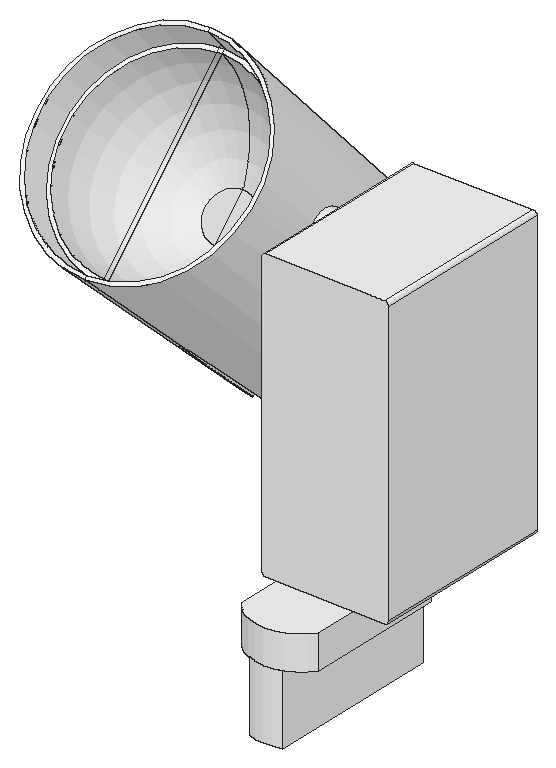
Revit family "0004876 Feilo Sylvania Lighting Fixture START TRACK SPOT S 24W 4K RA90 WB WHITE", category Lighting Fixtures, host Face, Revit 2017 (continued)
Definition of nested family "Start Track Spot Head"
  Types (96, lengths in mm): name | Wattage | built-in parameter 1150134 | Photometric Web File | Model | built-in parameter 1150105 | Lumens | built-in parameter 1150107 | built-in parameter 1150106 | HeadThickness_FEILO | HeadRibOffset_FEILO | HeadRibDepth_FEILO | HeadRibCutWidth_FEILO | HeadRibCutOffset_FEILO | HeadReflectorRadius_FEILO | HeadReflectorOffset_FEILO | HeadLEDRadius_FEILO | HeadHeight_FEILO | HeadDiffusorOffset_FEILO | HeadDiaOut_FEILO | HeadDiaIn_FEILO | HeadAxisFromTop_FEILO | Emit from Circle Diameter | built-in parameter 1150104 | Description | Apparent Load
    0004864 START TRACK SPOT S 24W 3K RA90 WB WHITE | 24 W | (empty or 0) | "0004864.ies" | "START TRACK SPOT S 24W 3K RA90 WB WHITE" | 152.79 (stored number, unit not read) | 1920 lm | 3000 (stored number, unit not read) | 1.5279 (stored number, unit not read) | 1.5 | 4.179 | 55.714 | 7.167 | 50.87 | 50.588 | 55.714 | 9.556 | 117 | 9.435 | 86 | 77.477 | 69.354 | 77.477 | 7.4322 (stored number, unit not read) | "Integrated LED spotlight, Textured White - RAL9016, compact and minimalist design, ideal for retail applications, die-cast aluminium body, passive cooling heatsink. Beam angle: 64°, color temperature: 3000K , total system power: 24W, total fixture output: 1928 lm, LOR: 100%, colour rendering: Ra: 90 typical, LED Chromaticity: 3 step MacAdam ellipse, lifetime: >50000 hours at L70B50, energy class: A++, A+, A, IR/UV free light source without heat radiation, operating voltage: 220-240V / 50-60Hz, drive current: 600mA, electronic driver, non-dimmable, power factor: 0.95, electrical protection: Class II, Global Track 3 Phase adapter suitable for Global trac 3-circuit tracks, ingress protection rating: IP20, suitable for internal environment only, horizontal rotation: 355°, vertical tilt: 90°, dimensions: Ø86x140x200, weight: 0.966kg." | 24 VA
    0004863 START TRACK SPOT S 24W 3K RA90 MB WHITE | 24 W | (empty or 0) | "0004863.ies" | "START TRACK SPOT S 24W 3K RA90 MB WHITE" | 154.7 (stored number, unit not read) | 1944 lm | 3000 (stored number, unit not read) | 1.547 (stored number, unit not read) | 1.5 | 4.179 | 55.714 | 7.167 | 50.87 | 50.588 | 55.714 | 9.556 | 117 | 9.435 | 86 | 77.477 | 69.354 | 77.477 | 7.5251 (stored number, unit not read) | "Integrated LED spotlight, Textured White - RAL9016, compact and minimalist design, ideal for retail applications, die-cast aluminium body, passive cooling heatsink. Beam angle: 36°, color temperature: 3000K , total system power: 24W, total fixture output: 1944 lm, LOR: 100%, colour rendering: Ra: 90 typical, LED Chromaticity: 3 step MacAdam ellipse, lifetime: >50000 hours at L70B50, energy class: A++, A+, A, IR/UV free light source without heat radiation, operating voltage: 220-240V / 50-60Hz, drive current: 600mA, electronic driver, non-dimmable, power factor: 0.95, electrical protection: Class II, Global Track 3 Phase adapter suitable for Global trac 3-circuit tracks, ingress protection rating: IP20, suitable for internal environment only, horizontal rotation: 355°, vertical tilt: 90°, dimensions: Ø86x140x200, weight: 0.966kg." | 24 VA
    0004862 START TRACK SPOT S 24W 3K RA90 NB WHITE | 24 W | (empty or 0) | "0004862.ies" | "START TRACK SPOT S 24W 3K RA90 NB WHITE" | 158.52 (stored number, unit not read) | 1992 lm | 3000 (stored number, unit not read) | 1.5852 (stored number, unit not read) | 1.5 | 4.179 | 55.714 | 7.167 | 50.87 | 50.588 | 55.714 | 9.556 | 117 | 9.435 | 86 | 77.477 | 69.354 | 77.477 | 7.711 (stored number, unit not read) | "Integrated LED spotlight, Textured White - RAL9016, compact and minimalist design, ideal for retail applications, die-cast aluminium body, passive cooling heatsink. Beam angle: 12°, color temperature: 3000K , total system power: 24W, total fixture output: 1987 lm, LOR: 100%, colour rendering: Ra: 90 typical, LED Chromaticity: 3 step MacAdam ellipse, lifetime: >50000 hours at L70B50, energy class: A++, A+, A, IR/UV free light source without heat radiation, operating voltage: 220-240V / 50-60Hz, drive current: 600mA, electronic driver, non-dimmable, power factor: 0.95, electrical protection: Class II, Global Track 3 Phase adapter suitable for Global trac 3-circuit tracks, ingress protection rating: IP20, suitable for internal environment only, horizontal rotation: 355°, vertical tilt: 90°, dimensions: Ø86x140x200, weight: 0.966kg." | 24 VA
    0004861 START TRACK SPOT S 14W 3K RA90 WB WHITE | 14 W | (empty or 0) | "0004861.ies" | "START TRACK SPOT S 14W 3K RA90 WB WHITE" | 100.27 (stored number, unit not read) | 1260 lm | 3000 (stored number, unit not read) | 1.0027 (stored number, unit not read) | 1.5 | 4.179 | 55.714 | 7.167 | 50.87 | 50.588 | 55.714 | 9.556 | 117 | 9.435 | 86 | 77.477 | 69.354 | 77.477 | 8.3613 (stored number, unit not read) | "Integrated LED spotlight, Textured White - RAL9016, compact and minimalist design, ideal for retail applications, die-cast aluminium body, passive cooling heatsink. Beam angle: 64°, color temperature: 3000K , total system power: 14W, total fixture output: 1262 lm, LOR: 100%, colour rendering: Ra: 90 typical, LED Chromaticity: 3 step MacAdam ellipse, lifetime: >50000 hours at L70B50, energy class: A++, A+, A, IR/UV free light source without heat radiation, operating voltage: 220-240V / 50-60Hz, drive current: 350mA, electronic driver, non-dimmable, power factor: 0.92, electrical protection: Class II, Global Track 3 Phase adapter suitable for Global trac 3-circuit tracks, ingress protection rating: IP20, suitable for internal environment only, horizontal rotation: 355°, vertical tilt: 90°, dimensions: Ø86x140x200, weight: 0.940kg." | 14 VA
    0004860 START TRACK SPOT S 14W 3K RA90 MB WHITE | 14 W | (empty or 0) | "0004860.ies" | "START TRACK SPOT S 14W 3K RA90 MB WHITE" | 100.27 (stored number, unit not read) | 1260 lm | 3000 (stored number, unit not read) | 1.0027 (stored number, unit not read) | 1.5 | 4.179 | 55.714 | 7.167 | 50.87 | 50.588 | 55.714 | 9.556 | 117 | 9.435 | 86 | 77.477 | 69.354 | 77.477 | 8.3613 (stored number, unit not read) | "Integrated LED spotlight, Textured White - RAL9016, compact and minimalist design, ideal for retail applications, die-cast aluminium body, passive cooling heatsink. Beam angle: 36°, color temperature: 3000K , total system power: 14W, total fixture output: 1262 lm, LOR: 100%, colour rendering: Ra: 90 typical, LED Chromaticity: 3 step MacAdam ellipse, lifetime: >50000 hours at L70B50, energy class: A++, A+, A, IR/UV free light source without heat radiation, operating voltage: 220-240V / 50-60Hz, drive current: 350mA, electronic driver, non-dimmable, power factor: 0.92, electrical protection: Class II, Global Track 3 Phase adapter suitable for Global trac 3-circuit tracks, ingress protection rating: IP20, suitable for internal environment only, horizontal rotation: 355°, vertical tilt: 90°, dimensions: Ø86x140x200, weight: 0.940kg." | 14 VA
    0004859 START TRACK SPOT S 14W 3K RA90 NB WHITE | 14 W | (empty or 0) | "0004859.ies" | "START TRACK SPOT S 14W 3K RA90 NB WHITE" | 102.5 (stored number, unit not read) | 1288 lm | 3000 (stored number, unit not read) | 1.025 (stored number, unit not read) | 1.5 | 4.179 | 55.714 | 7.167 | 50.87 | 50.588 | 55.714 | 9.556 | 117 | 9.435 | 86 | 77.477 | 69.354 | 77.477 | 8.5471 (stored number, unit not read) | "Integrated LED spotlight, Textured White - RAL9016, compact and minimalist design, ideal for retail applications, die-cast aluminium body, passive cooling heatsink. Beam angle: 12°, color temperature: 3000K , total system power: 14W, total fixture output: 1284 lm, LOR: 100%, colour rendering: Ra: 90 typical, LED Chromaticity: 3 step MacAdam ellipse, lifetime: >50000 hours at L70B50, energy class: A++, A+, A, IR/UV free light source without heat radiation, operating voltage: 220-240V / 50-60Hz, drive current: 350mA, electronic driver, non-dimmable, power factor: 0.92, electrical protection: Class II, Global Track 3 Phase adapter suitable for Global trac 3-circuit tracks, ingress protection rating: IP20, suitable for internal environment only, horizontal rotation: 355°, vertical tilt: 90°, dimensions: Ø86x140x200, weight: 0.940kg." | 14 VA
    0004858 START TRACK SPOT L 55W 4K RA80 WB BLACK | 55 W | 12 | "0004858.ies" | "START TRACK SPOT L 55W 4K RA80 WB BLACK" | 424.55 (stored number, unit not read) | 5335 lm | 4000 (stored number, unit not read) | 4.2455 (stored number, unit not read) | 2 | 4.429 | 59.048 | 9.417 | 53.913 | 66.471 | 59.048 | 12.556 | 124 | 10 | 113 | 101.802 | 73.503 | 101.802 | 9.0116 (stored number, unit not read) | "Integrated LED spotlight, Textured Black - RAL9005, compact and minimalist design, ideal for retail applications, die-cast aluminium body, passive cooling heatsink. Beam angle: 52°, color temperature: 4000K , total system power: 55W, total fixture output: 5320 lm, LOR: 100%, colour rendering: Ra: 80 typical, LED Chromaticity: 3 step MacAdam ellipse, lifetime: >50000 hours at L70B50, energy class: A++, A+, A, IR/UV free light source without heat radiation, operating voltage: 220-240V / 50-60Hz, drive current: 1400mA, electronic driver, non-dimmable, power factor: 0.96, electrical protection: Class II, Global Track 3 Phase adapter suitable for Global trac 3-circuit tracks, ingress protection rating: IP20, suitable for internal environment only, horizontal rotation: 355°, vertical tilt: 90°, dimensions: Ø113x164x240, weight: 1.398kg." | 55 VA
    0004857 START TRACK SPOT L 55W 4K RA80 MB BLACK | 55 W | 12 | "0004857.ies" | "START TRACK SPOT L 55W 4K RA80 MB BLACK" | 428.92 (stored number, unit not read) | 5390 lm | 4000 (stored number, unit not read) | 4.2892 (stored number, unit not read) | 2 | 4.429 | 59.048 | 9.417 | 53.913 | 66.471 | 59.048 | 12.556 | 124 | 10 | 113 | 101.802 | 73.503 | 101.802 | 9.1045 (stored number, unit not read) | "Integrated LED spotlight, Textured Black - RAL9005, compact and minimalist design, ideal for retail applications, die-cast aluminium body, passive cooling heatsink. Beam angle: 38°, color temperature: 4000K , total system power: 55W, total fixture output: 5378 lm, LOR: 100%, colour rendering: Ra: 80 typical, LED Chromaticity: 3 step MacAdam ellipse, lifetime: >50000 hours at L70B50, energy class: A++, A+, A, IR/UV free light source without heat radiation, operating voltage: 220-240V / 50-60Hz, drive current: 1400mA, electronic driver, non-dimmable, power factor: 0.96, electrical protection: Class II, Global Track 3 Phase adapter suitable for Global trac 3-circuit tracks, ingress protection rating: IP20, suitable for internal environment only, horizontal rotation: 355°, vertical tilt: 90°, dimensions: Ø113x164x240, weight: 1.398kg." | 55 VA
    0004856 START TRACK SPOT L 55W 4K RA80 NB BLACK | 55 W | 12 | "0004856.ies" | "START TRACK SPOT L 55W 4K RA80 NB BLACK" | 433.3 (stored number, unit not read) | 5445 lm | 4000 (stored number, unit not read) | 4.333 (stored number, unit not read) | 2 | 4.429 | 59.048 | 9.417 | 53.913 | 66.471 | 59.048 | 12.556 | 124 | 10 | 113 | 101.802 | 73.503 | 101.802 | 9.1974 (stored number, unit not read) | "Integrated LED spotlight, Textured Black - RAL9005, compact and minimalist design, ideal for retail applications, die-cast aluminium body, passive cooling heatsink. Beam angle: 15°, color temperature: 4000K , total system power: 55W, total fixture output: 5426 lm, LOR: 100%, colour rendering: Ra: 80 typical, LED Chromaticity: 3 step MacAdam ellipse, lifetime: >50000 hours at L70B50, energy class: A++, A+, A, IR/UV free light source without heat radiation, operating voltage: 220-240V / 50-60Hz, drive current: 1400mA, electronic driver, non-dimmable, power factor: 0.96, electrical protection: Class II, Global Track 3 Phase adapter suitable for Global trac 3-circuit tracks, ingress protection rating: IP20, suitable for internal environment only, horizontal rotation: 355°, vertical tilt: 90°, dimensions: Ø113x164x240, weight: 1.398kg." | 55 VA
    0004855 START TRACK SPOT L 35W 4K RA80 WB BLACK | 35 W | 12 | "0004855.ies" | "START TRACK SPOT L 35W 4K RA80 WB BLACK" | 320.3 (stored number, unit not read) | 4025 lm | 4000 (stored number, unit not read) | 3.203 (stored number, unit not read) | 2 | 4.429 | 59.048 | 9.417 | 53.913 | 66.471 | 59.048 | 12.556 | 124 | 10 | 113 | 101.802 | 73.503 | 101.802 | 10.684 (stored number, unit not read) | "Integrated LED spotlight, Textured Black - RAL9005, compact and minimalist design, ideal for retail applications, die-cast aluminium body, passive cooling heatsink. Beam angle: 52°, color temperature: 4000K , total system power: 35W, total fixture output: 4010 lm, LOR: 100%, colour rendering: Ra: 80 typical, LED Chromaticity: 3 step MacAdam ellipse, lifetime: >50000 hours at L70B50, energy class: A++, A+, A, IR/UV free light source without heat radiation, operating voltage: 220-240V / 50-60Hz, drive current: 900mA, electronic driver, non-dimmable, power factor: 0.93, electrical protection: Class II, Global Track 3 Phase adapter suitable for Global trac 3-circuit tracks, ingress protection rating: IP20, suitable for internal environment only, horizontal rotation: 355°, vertical tilt: 90°, dimensions: Ø113x164x240, weight: 1.368kg." | 35 VA
    0004854 START TRACK SPOT L 35W 4K RA80 MB BLACK | 35 W | 12 | "0004854.ies" | "START TRACK SPOT L 35W 4K RA80 MB BLACK" | 320.3 (stored number, unit not read) | 4025 lm | 4000 (stored number, unit not read) | 3.203 (stored number, unit not read) | 2 | 4.429 | 59.048 | 9.417 | 53.913 | 66.471 | 59.048 | 12.556 | 124 | 10 | 113 | 101.802 | 73.503 | 101.802 | 10.684 (stored number, unit not read) | "Integrated LED spotlight, Textured Black - RAL9005, compact and minimalist design, ideal for retail applications, die-cast aluminium body, passive cooling heatsink. Beam angle: 38°, color temperature: 4000K , total system power: 35W, total fixture output: 4017 lm, LOR: 100%, colour rendering: Ra: 80 typical, LED Chromaticity: 3 step MacAdam ellipse, lifetime: >50000 hours at L70B50, energy class: A++, A+, A, IR/UV free light source without heat radiation, operating voltage: 220-240V / 50-60Hz, drive current: 900mA, electronic driver, non-dimmable, power factor: 0.93, electrical protection: Class II, Global Track 3 Phase adapter suitable for Global trac 3-circuit tracks, ingress protection rating: IP20, suitable for internal environment only, horizontal rotation: 355°, vertical tilt: 90°, dimensions: Ø113x164x240, weight: 1.368kg." | 35 VA
    0004853 START TRACK SPOT L 35W 4K RA80 NB BLACK | 35 W | 12 | "0004853.ies" | "START TRACK SPOT L 35W 4K RA80 NB BLACK" | 331.44 (stored number, unit not read) | 4165 lm | 4000 (stored number, unit not read) | 3.3144 (stored number, unit not read) | 2 | 4.429 | 59.048 | 9.417 | 53.913 | 66.471 | 59.048 | 12.556 | 124 | 10 | 113 | 101.802 | 73.503 | 101.802 | 11.055 (stored number, unit not read) | "Integrated LED spotlight, Textured Black - RAL9005, compact and minimalist design, ideal for retail applications, die-cast aluminium body, passive cooling heatsink. Beam angle: 15°, color temperature: 4000K , total system power: 35W, total fixture output: 4174 lm, LOR: 100%, colour rendering: Ra: 80 typical, LED Chromaticity: 3 step MacAdam ellipse, lifetime: >50000 hours at L70B50, energy class: A++, A+, A, IR/UV free light source without heat radiation, operating voltage: 220-240V / 50-60Hz, drive current: 900mA, electronic driver, non-dimmable, power factor: 0.93, electrical protection: Class II, Global Track 3 Phase adapter suitable for Global trac 3-circuit tracks, ingress protection rating: IP20, suitable for internal environment only, horizontal rotation: 355°, vertical tilt: 90°, dimensions: Ø113x164x240, weight: 1.368kg." | 35 VA
    0004852 START TRACK SPOT S 24W 4K RA80 WB BLACK | 24 W | 12 | "0004852.ies" | "START TRACK SPOT S 24W 4K RA80 WB BLACK" | 196.72 (stored number, unit not read) | 2472 lm | 4000 (stored number, unit not read) | 1.9672 (stored number, unit not read) | 1.5 | 4.179 | 55.714 | 7.167 | 50.87 | 50.588 | 55.714 | 9.556 | 117 | 9.435 | 86 | 77.477 | 69.354 | 77.477 | 9.569 (stored number, unit not read) | "Integrated LED spotlight, Textured Black - RAL9005, compact and minimalist design, ideal for retail applications, die-cast aluminium body, passive cooling heatsink. Beam angle: 64°, color temperature: 4000K , total system power: 24W, total fixture output: 2476 lm, LOR: 100%, colour rendering: Ra: 80 typical, LED Chromaticity: 3 step MacAdam ellipse, lifetime: >50000 hours at L70B50, energy class: A++, A+, A, IR/UV free light source without heat radiation, operating voltage: 220-240V / 50-60Hz, drive current: 600mA, electronic driver, non-dimmable, power factor: 0.95, electrical protection: Class II, Global Track 3 Phase adapter suitable for Global trac 3-circuit tracks, ingress protection rating: IP20, suitable for internal environment only, horizontal rotation: 355°, vertical tilt: 90°, dimensions: Ø86x140x200, weight: 0.966kg." | 24 VA
    0004851 START TRACK SPOT S 24W 4K RA80 MB BLACK | 24 W | 12 | "0004851.ies" | "START TRACK SPOT S 24W 4K RA80 MB BLACK" | 198.63 (stored number, unit not read) | 2496 lm | 4000 (stored number, unit not read) | 1.9863 (stored number, unit not read) | 1.5 | 4.179 | 55.714 | 7.167 | 50.87 | 50.588 | 55.714 | 9.556 | 117 | 9.435 | 86 | 77.477 | 69.354 | 77.477 | 9.6619 (stored number, unit not read) | "Integrated LED spotlight, Textured Black - RAL9005, compact and minimalist design, ideal for retail applications, die-cast aluminium body, passive cooling heatsink. Beam angle: 36°, color temperature: 4000K , total system power: 24W, total fixture output: 2487 lm, LOR: 100%, colour rendering: Ra: 80 typical, LED Chromaticity: 3 step MacAdam ellipse, lifetime: >50000 hours at L70B50, energy class: A++, A+, A, IR/UV free light source without heat radiation, operating voltage: 220-240V / 50-60Hz, drive current: 600mA, electronic driver, non-dimmable, power factor: 0.95, electrical protection: Class II, Global Track 3 Phase adapter suitable for Global trac 3-circuit tracks, ingress protection rating: IP20, suitable for internal environment only, horizontal rotation: 355°, vertical tilt: 90°, dimensions: Ø86x140x200, weight: 0.966kg." | 24 VA
    0004850 START TRACK SPOT S 24W 4K RA80 NB BLACK | 24 W | 12 | "0004850.ies" | "START TRACK SPOT S 24W 4K RA80 NB BLACK" | 200.54 (stored number, unit not read) | 2520 lm | 4000 (stored number, unit not read) | 2.0054 (stored number, unit not read) | 1.5 | 4.179 | 55.714 | 7.167 | 50.87 | 50.588 | 55.714 | 9.556 | 117 | 9.435 | 86 | 77.477 | 69.354 | 77.477 | 9.7548 (stored number, unit not read) | "Integrated LED spotlight, Textured Black - RAL9005, compact and minimalist design, ideal for retail applications, die-cast aluminium body, passive cooling heatsink. Beam angle: 12°, color temperature: 4000K , total system power: 24W, total fixture output: 2529 lm, LOR: 100%, colour rendering: Ra: 80 typical, LED Chromaticity: 3 step MacAdam ellipse, lifetime: >50000 hours at L70B50, energy class: A++, A+, A, IR/UV free light source without heat radiation, operating voltage: 220-240V / 50-60Hz, drive current: 600mA, electronic driver, non-dimmable, power factor: 0.95, electrical protection: Class II, Global Track 3 Phase adapter suitable for Global trac 3-circuit tracks, ingress protection rating: IP20, suitable for internal environment only, horizontal rotation: 355°, vertical tilt: 90°, dimensions: Ø86x140x200, weight: 0.966kg." | 24 VA
    0004849 START TRACK SPOT S 14W 4K RA80 WB BLACK | 14 W | 12 | "0004849.ies" | "START TRACK SPOT S 14W 4K RA80 WB BLACK" | 123.66 (stored number, unit not read) | 1554 lm | 4000 (stored number, unit not read) | 1.2366 (stored number, unit not read) | 1.5 | 4.179 | 55.714 | 7.167 | 50.87 | 50.588 | 55.714 | 9.556 | 117 | 9.435 | 86 | 77.477 | 69.354 | 77.477 | 10.312 (stored number, unit not read) | "Integrated LED spotlight, Textured Black - RAL9005, compact and minimalist design, ideal for retail applications, die-cast aluminium body, passive cooling heatsink. Beam angle: 64°, color temperature: 4000K , total system power: 14W, total fixture output: 1558 lm, LOR: 100%, colour rendering: Ra: 80 typical, LED Chromaticity: 3 step MacAdam ellipse, lifetime: >50000 hours at L70B50, energy class: A++, A+, A, IR/UV free light source without heat radiation, operating voltage: 220-240V / 50-60Hz, drive current: 350mA, electronic driver, non-dimmable, power factor: 0.92, electrical protection: Class II, Global Track 3 Phase adapter suitable for Global trac 3-circuit tracks, ingress protection rating: IP20, suitable for internal environment only, horizontal rotation: 355°, vertical tilt: 90°, dimensions: Ø86x140x200, weight: 0.940kg." | 14 VA
    0004848 START TRACK SPOT S 14W 4K RA80 MB BLACK | 14 W | 12 | "0004848.ies" | "START TRACK SPOT S 14W 4K RA80 MB BLACK" | 127.01 (stored number, unit not read) | 1596 lm | 4000 (stored number, unit not read) | 1.2701 (stored number, unit not read) | 1.5 | 4.179 | 55.714 | 7.167 | 50.87 | 50.588 | 55.714 | 9.556 | 117 | 9.435 | 86 | 77.477 | 69.354 | 77.477 | 10.591 (stored number, unit not read) | "Integrated LED spotlight, Textured Black - RAL9005, compact and minimalist design, ideal for retail applications, die-cast aluminium body, passive cooling heatsink. Beam angle: 36°, color temperature: 4000K , total system power: 14W, total fixture output: 1598 lm, LOR: 100%, colour rendering: Ra: 80 typical, LED Chromaticity: 3 step MacAdam ellipse, lifetime: >50000 hours at L70B50, energy class: A++, A+, A, IR/UV free light source without heat radiation, operating voltage: 220-240V / 50-60Hz, drive current: 350mA, electronic driver, non-dimmable, power factor: 0.92, electrical protection: Class II, Global Track 3 Phase adapter suitable for Global trac 3-circuit tracks, ingress protection rating: IP20, suitable for internal environment only, horizontal rotation: 355°, vertical tilt: 90°, dimensions: Ø86x140x200, weight: 0.940kg." | 14 VA
    0004847 START TRACK SPOT S 14W 4K RA80 NB BLACK | 14 W | 12 | "0004847.ies" | "START TRACK SPOT S 14W 4K RA80 NB BLACK" | 128.12 (stored number, unit not read) | 1610 lm | 4000 (stored number, unit not read) | 1.2812 (stored number, unit not read) | 1.5 | 4.179 | 55.714 | 7.167 | 50.87 | 50.588 | 55.714 | 9.556 | 117 | 9.435 | 86 | 77.477 | 69.354 | 77.477 | 10.684 (stored number, unit not read) | "Integrated LED spotlight, Textured Black - RAL9005, compact and minimalist design, ideal for retail applications, die-cast aluminium body, passive cooling heatsink. Beam angle: 12°, color temperature: 4000K , total system power: 14W, total fixture output: 1608 lm, LOR: 100%, colour rendering: Ra: 80 typical, LED Chromaticity: 3 step MacAdam ellipse, lifetime: >50000 hours at L70B50, energy class: A++, A+, A, IR/UV free light source without heat radiation, operating voltage: 220-240V / 50-60Hz, drive current: 350mA, electronic driver, non-dimmable, power factor: 0.92, electrical protection: Class II, Global Track 3 Phase adapter suitable for Global trac 3-circuit tracks, ingress protection rating: IP20, suitable for internal environment only, horizontal rotation: 355°, vertical tilt: 90°, dimensions: Ø86x140x200, weight: 0.940kg." | 14 VA
    0004846 START TRACK SPOT L 55W 3K RA80 WB BLACK | 55 W | (empty or 0) | "0004846.ies" | "START TRACK SPOT L 55W 3K RA80 WB BLACK" | 420.17 (stored number, unit not read) | 5280 lm | 3000 (stored number, unit not read) | 4.2017 (stored number, unit not read) | 2 | 4.429 | 59.048 | 9.417 | 53.913 | 66.471 | 59.048 | 12.556 | 124 | 10 | 113 | 101.802 | 73.503 | 101.802 | 8.9187 (stored number, unit not read) | "Integrated LED spotlight, Textured Black - RAL9005, compact and minimalist design, ideal for retail applications, die-cast aluminium body, passive cooling heatsink. Beam angle: 52°, color temperature: 3000K , total system power: 55W, total fixture output: 5298 lm, LOR: 100%, colour rendering: Ra: 80 typical, LED Chromaticity: 3 step MacAdam ellipse, lifetime: >50000 hours at L70B50, energy class: A++, A+, A, IR/UV free light source without heat radiation, operating voltage: 220-240V / 50-60Hz, drive current: 1400mA, electronic driver, non-dimmable, power factor: 0.96, electrical protection: Class II, Global Track 3 Phase adapter suitable for Global trac 3-circuit tracks, ingress protection rating: IP20, suitable for internal environment only, horizontal rotation: 355°, vertical tilt: 90°, dimensions: Ø113x164x240, weight: 1.398kg." | 55 VA
    0004845 START TRACK SPOT L 55W 3K RA80 MB BLACK | 55 W | (empty or 0) | "0004845.ies" | "START TRACK SPOT L 55W 3K RA80 MB BLACK" | 428.92 (stored number, unit not read) | 5390 lm | 3000 (stored number, unit not read) | 4.2892 (stored number, unit not read) | 2 | 4.429 | 59.048 | 9.417 | 53.913 | 66.471 | 59.048 | 12.556 | 124 | 10 | 113 | 101.802 | 73.503 | 101.802 | 9.1045 (stored number, unit not read) | "Integrated LED spotlight, Textured Black - RAL9005, compact and minimalist design, ideal for retail applications, die-cast aluminium body, passive cooling heatsink. Beam angle: 38°, color temperature: 3000K , total system power: 55W, total fixture output: 5381 lm, LOR: 100%, colour rendering: Ra: 80 typical, LED Chromaticity: 3 step MacAdam ellipse, lifetime: >50000 hours at L70B50, energy class: A++, A+, A, IR/UV free light source without heat radiation, operating voltage: 220-240V / 50-60Hz, drive current: 1400mA, electronic driver, non-dimmable, power factor: 0.96, electrical protection: Class II, Global Track 3 Phase adapter suitable for Global trac 3-circuit tracks, ingress protection rating: IP20, suitable for internal environment only, horizontal rotation: 355°, vertical tilt: 90°, dimensions: Ø113x164x240, weight: 1.398kg." | 55 VA
    0004844 START TRACK SPOT L 55W 3K RA80 NB BLACK | 55 W | (empty or 0) | "0004844.ies" | "START TRACK SPOT L 55W 3K RA80 NB BLACK" | 433.3 (stored number, unit not read) | 5445 lm | 3000 (stored number, unit not read) | 4.333 (stored number, unit not read) | 2 | 4.429 | 59.048 | 9.417 | 53.913 | 66.471 | 59.048 | 12.556 | 124 | 10 | 113 | 101.802 | 73.503 | 101.802 | 9.1974 (stored number, unit not read) | "Integrated LED spotlight, Textured Black - RAL9005, compact and minimalist design, ideal for retail applications, die-cast aluminium body, passive cooling heatsink. Beam angle: 15°, color temperature: 3000K , total system power: 55W, total fixture output: 5449 lm, LOR: 100%, colour rendering: Ra: 80 typical, LED Chromaticity: 3 step MacAdam ellipse, lifetime: >50000 hours at L70B50, energy class: A++, A+, A, IR/UV free light source without heat radiation, operating voltage: 220-240V / 50-60Hz, drive current: 1400mA, electronic driver, non-dimmable, power factor: 0.96, electrical protection: Class II, Global Track 3 Phase adapter suitable for Global trac 3-circuit tracks, ingress protection rating: IP20, suitable for internal environment only, horizontal rotation: 355°, vertical tilt: 90°, dimensions: Ø113x164x240, weight: 1.398kg." | 55 VA
    0004843 START TRACK SPOT L 35W 3K RA80 WB BLACK | 35 W | (empty or 0) | "0004843.ies" | "START TRACK SPOT L 35W 3K RA80 WB BLACK" | 314.73 (stored number, unit not read) | 3955 lm | 3000 (stored number, unit not read) | 3.1473 (stored number, unit not read) | 2 | 4.429 | 59.048 | 9.417 | 53.913 | 66.471 | 59.048 | 12.556 | 124 | 10 | 113 | 101.802 | 73.503 | 101.802 | 10.498 (stored number, unit not read) | "Integrated LED spotlight, Textured Black - RAL9005, compact and minimalist design, ideal for retail applications, die-cast aluminium body, passive cooling heatsink. Beam angle: 52°, color temperature: 3000K , total system power: 35W, total fixture output: 3943 lm, LOR: 100%, colour rendering: Ra: 80 typical, LED Chromaticity: 3 step MacAdam ellipse, lifetime: >50000 hours at L70B50, energy class: A++, A+, A, IR/UV free light source without heat radiation, operating voltage: 220-240V / 50-60Hz, drive current: 900mA, electronic driver, non-dimmable, power factor: 0.93, electrical protection: Class II, Global Track 3 Phase adapter suitable for Global trac 3-circuit tracks, ingress protection rating: IP20, suitable for internal environment only, horizontal rotation: 355°, vertical tilt: 90°, dimensions: Ø113x164x240, weight: 1.368kg." | 35 VA
    0004842 START TRACK SPOT L 35W 3K RA80 MB BLACK | 35 W | (empty or 0) | "0004842.ies" | "START TRACK SPOT L 35W 3K RA80 MB BLACK" | 320.3 (stored number, unit not read) | 4025 lm | 3000 (stored number, unit not read) | 3.203 (stored number, unit not read) | 2 | 4.429 | 59.048 | 9.417 | 53.913 | 66.471 | 59.048 | 12.556 | 124 | 10 | 113 | 101.802 | 73.503 | 101.802 | 10.684 (stored number, unit not read) | "Integrated LED spotlight, Textured Black - RAL9005, compact and minimalist design, ideal for retail applications, die-cast aluminium body, passive cooling heatsink. Beam angle: 38°, color temperature: 3000K , total system power: 35W, total fixture output: 4008 lm, LOR: 100%, colour rendering: Ra: 80 typical, LED Chromaticity: 3 step MacAdam ellipse, lifetime: >50000 hours at L70B50, energy class: A++, A+, A, IR/UV free light source without heat radiation, operating voltage: 220-240V / 50-60Hz, drive current: 900mA, electronic driver, non-dimmable, power factor: 0.93, electrical protection: Class II, Global Track 3 Phase adapter suitable for Global trac 3-circuit tracks, ingress protection rating: IP20, suitable for internal environment only, horizontal rotation: 355°, vertical tilt: 90°, dimensions: Ø113x164x240, weight: 1.368kg." | 35 VA
    0004841 START TRACK SPOT L 35W 3K RA80 NB BLACK | 35 W | (empty or 0) | "0004841.ies" | "START TRACK SPOT L 35W 3K RA80 NB BLACK" | 317.51 (stored number, unit not read) | 3990 lm | 3000 (stored number, unit not read) | 3.1751 (stored number, unit not read) | 2 | 4.429 | 59.048 | 9.417 | 53.913 | 66.471 | 59.048 | 12.556 | 124 | 10 | 113 | 101.802 | 73.503 | 101.802 | 10.591 (stored number, unit not read) | "Integrated LED spotlight, Textured Black - RAL9005, compact and minimalist design, ideal for retail applications, die-cast aluminium body, passive cooling heatsink. Beam angle: 15°, color temperature: 3000K , total system power: 35W, total fixture output: 4005 lm, LOR: 100%, colour rendering: Ra: 80 typical, LED Chromaticity: 3 step MacAdam ellipse, lifetime: >50000 hours at L70B50, energy class: A++, A+, A, IR/UV free light source without heat radiation, operating voltage: 220-240V / 50-60Hz, drive current: 900mA, electronic driver, non-dimmable, power factor: 0.93, electrical protection: Class II, Global Track 3 Phase adapter suitable for Global trac 3-circuit tracks, ingress protection rating: IP20, suitable for internal environment only, horizontal rotation: 355°, vertical tilt: 90°, dimensions: Ø113x164x240, weight: 1.368kg." | 35 VA
    0004840 START TRACK SPOT S 24W 3K RA80 WB BLACK | 24 W | (empty or 0) | "0004840.ies" | "START TRACK SPOT S 24W 3K RA80 WB BLACK" | 185.26 (stored number, unit not read) | 2328 lm | 3000 (stored number, unit not read) | 1.8526 (stored number, unit not read) | 1.5 | 4.179 | 55.714 | 7.167 | 50.87 | 50.588 | 55.714 | 9.556 | 117 | 9.435 | 86 | 77.477 | 69.354 | 77.477 | 9.0116 (stored number, unit not read) | "Integrated LED spotlight, Textured Black - RAL9005, compact and minimalist design, ideal for retail applications, die-cast aluminium body, passive cooling heatsink. Beam angle: 64°, color temperature: 3000K , total system power: 24W, total fixture output: 2318 lm, LOR: 100%, colour rendering: Ra: 80 typical, LED Chromaticity: 3 step MacAdam ellipse, lifetime: >50000 hours at L70B50, energy class: A++, A+, A, IR/UV free light source without heat radiation, operating voltage: 220-240V / 50-60Hz, drive current: 600mA, electronic driver, non-dimmable, power factor: 0.95, electrical protection: Class II, Global Track 3 Phase adapter suitable for Global trac 3-circuit tracks, ingress protection rating: IP20, suitable for internal environment only, horizontal rotation: 355°, vertical tilt: 90°, dimensions: Ø86x140x200, weight: 0.966kg." | 24 VA
    0004839 START TRACK SPOT S 24W 3K RA80 MB BLACK | 24 W | (empty or 0) | "0004839.ies" | "START TRACK SPOT S 24W 3K RA80 MB BLACK" | 183.35 (stored number, unit not read) | 2304 lm | 3000 (stored number, unit not read) | 1.8335 (stored number, unit not read) | 1.5 | 4.179 | 55.714 | 7.167 | 50.87 | 50.588 | 55.714 | 9.556 | 117 | 9.435 | 86 | 77.477 | 69.354 | 77.477 | 8.9187 (stored number, unit not read) | "Integrated LED spotlight, Textured Black - RAL9005, compact and minimalist design, ideal for retail applications, die-cast aluminium body, passive cooling heatsink. Beam angle: 36°, color temperature: 3000K , total system power: 24W, total fixture output: 2314 lm, LOR: 100%, colour rendering: Ra: 80 typical, LED Chromaticity: 3 step MacAdam ellipse, lifetime: >50000 hours at L70B50, energy class: A++, A+, A, IR/UV free light source without heat radiation, operating voltage: 220-240V / 50-60Hz, drive current: 600mA, electronic driver, non-dimmable, power factor: 0.95, electrical protection: Class II, Global Track 3 Phase adapter suitable for Global trac 3-circuit tracks, ingress protection rating: IP20, suitable for internal environment only, horizontal rotation: 355°, vertical tilt: 90°, dimensions: Ø86x140x200, weight: 0.966kg." | 24 VA
    0004838 START TRACK SPOT S 24W 3K RA80 NB BLACK | 24 W | (empty or 0) | "0004838.ies" | "START TRACK SPOT S 24W 3K RA80 NB BLACK" | 185.26 (stored number, unit not read) | 2328 lm | 3000 (stored number, unit not read) | 1.8526 (stored number, unit not read) | 1.5 | 4.179 | 55.714 | 7.167 | 50.87 | 50.588 | 55.714 | 9.556 | 117 | 9.435 | 86 | 77.477 | 69.354 | 77.477 | 9.0116 (stored number, unit not read) | "Integrated LED spotlight, Textured Black - RAL9005, compact and minimalist design, ideal for retail applications, die-cast aluminium body, passive cooling heatsink. Beam angle: 12°, color temperature: 3000K , total system power: 24W, total fixture output: 2334 lm, LOR: 100%, colour rendering: Ra: 80 typical, LED Chromaticity: 3 step MacAdam ellipse, lifetime: >50000 hours at L70B50, energy class: A++, A+, A, IR/UV free light source without heat radiation, operating voltage: 220-240V / 50-60Hz, drive current: 600mA, electronic driver, non-dimmable, power factor: 0.95, electrical protection: Class II, Global Track 3 Phase adapter suitable for Global trac 3-circuit tracks, ingress protection rating: IP20, suitable for internal environment only, horizontal rotation: 355°, vertical tilt: 90°, dimensions: Ø86x140x200, weight: 0.966kg." | 24 VA
    0004837 START TRACK SPOT S 14W 3K RA80 WB BLACK | 14 W | (empty or 0) | "0004837.ies" | "START TRACK SPOT S 14W 3K RA80 WB BLACK" | 119.21 (stored number, unit not read) | 1498 lm | 3000 (stored number, unit not read) | 1.1921 (stored number, unit not read) | 1.5 | 4.179 | 55.714 | 7.167 | 50.87 | 50.588 | 55.714 | 9.556 | 117 | 9.435 | 86 | 77.477 | 69.354 | 77.477 | 9.9406 (stored number, unit not read) | "Integrated LED spotlight, Textured Black - RAL9005, compact and minimalist design, ideal for retail applications, die-cast aluminium body, passive cooling heatsink. Beam angle: 64°, color temperature: 3000K , total system power: 14W, total fixture output: 1498 lm, LOR: 100%, colour rendering: Ra: 80 typical, LED Chromaticity: 3 step MacAdam ellipse, lifetime: >50000 hours at L70B50, energy class: A++, A+, A, IR/UV free light source without heat radiation, operating voltage: 220-240V / 50-60Hz, drive current: 350mA, electronic driver, non-dimmable, power factor: 0.92, electrical protection: Class II, Global Track 3 Phase adapter suitable for Global trac 3-circuit tracks, ingress protection rating: IP20, suitable for internal environment only, horizontal rotation: 355°, vertical tilt: 90°, dimensions: Ø86x140x200, weight: 0.940kg." | 14 VA
    0004836 START TRACK SPOT S 14W 3K RA80 MB BLACK | 14 W | (empty or 0) | "0004836.ies" | "START TRACK SPOT S 14W 3K RA80 MB BLACK" | 120.32 (stored number, unit not read) | 1512 lm | 3000 (stored number, unit not read) | 1.2032 (stored number, unit not read) | 1.5 | 4.179 | 55.714 | 7.167 | 50.87 | 50.588 | 55.714 | 9.556 | 117 | 9.435 | 86 | 77.477 | 69.354 | 77.477 | 10.034 (stored number, unit not read) | "Integrated LED spotlight, Textured Black - RAL9005, compact and minimalist design, ideal for retail applications, die-cast aluminium body, passive cooling heatsink. Beam angle: 36°, color temperature: 3000K , total system power: 14W, total fixture output: 1508 lm, LOR: 100%, colour rendering: Ra: 80 typical, LED Chromaticity: 3 step MacAdam ellipse, lifetime: >50000 hours at L70B50, energy class: A++, A+, A, IR/UV free light source without heat radiation, operating voltage: 220-240V / 50-60Hz, drive current: 350mA, electronic driver, non-dimmable, power factor: 0.92, electrical protection: Class II, Global Track 3 Phase adapter suitable for Global trac 3-circuit tracks, ingress protection rating: IP20, suitable for internal environment only, horizontal rotation: 355°, vertical tilt: 90°, dimensions: Ø86x140x200, weight: 0.940kg." | 14 VA
    0004835 START TRACK SPOT S 14W 3K RA80 NB BLACK | 14 W | (empty or 0) | "0004835.ies" | "START TRACK SPOT S 14W 3K RA80 NB BLACK" | 123.66 (stored number, unit not read) | 1554 lm | 3000 (stored number, unit not read) | 1.2366 (stored number, unit not read) | 1.5 | 4.179 | 55.714 | 7.167 | 50.87 | 50.588 | 55.714 | 9.556 | 117 | 9.435 | 86 | 77.477 | 69.354 | 77.477 | 10.312 (stored number, unit not read) | "Integrated LED spotlight, Textured Black - RAL9005, compact and minimalist design, ideal for retail applications, die-cast aluminium body, passive cooling heatsink. Beam angle: 12°, color temperature: 3000K , total system power: 14W, total fixture output: 1551 lm, LOR: 100%, colour rendering: Ra: 80 typical, LED Chromaticity: 3 step MacAdam ellipse, lifetime: >50000 hours at L70B50, energy class: A++, A+, A, IR/UV free light source without heat radiation, operating voltage: 220-240V / 50-60Hz, drive current: 350mA, electronic driver, non-dimmable, power factor: 0.92, electrical protection: Class II, Global Track 3 Phase adapter suitable for Global trac 3-circuit tracks, ingress protection rating: IP20, suitable for internal environment only, horizontal rotation: 355°, vertical tilt: 90°, dimensions: Ø86x140x200, weight: 0.940kg." | 14 VA
    0004834 START TRACK SPOT L 55W 4K RA80 WB WHITE | 55 W | 12 | "0004834.ies" | "START TRACK SPOT L 55W 4K RA80 WB WHITE" | 424.55 (stored number, unit not read) | 5335 lm | 4000 (stored number, unit not read) | 4.2455 (stored number, unit not read) | 2 | 4.429 | 59.048 | 9.417 | 53.913 | 66.471 | 59.048 | 12.556 | 124 | 10 | 113 | 101.802 | 73.503 | 101.802 | 9.0116 (stored number, unit not read) | "Integrated LED spotlight, Textured White - RAL9016, compact and minimalist design, ideal for retail applications, die-cast aluminium body, passive cooling heatsink. Beam angle: 52°, color temperature: 4000K , total system power: 55W, total fixture output: 5320 lm, LOR: 100%, colour rendering: Ra: 80 typical, LED Chromaticity: 3 step MacAdam ellipse, lifetime: >50000 hours at L70B50, energy class: A++, A+, A, IR/UV free light source without heat radiation, operating voltage: 220-240V / 50-60Hz, drive current: 1400mA, electronic driver, non-dimmable, power factor: 0.96, electrical protection: Class II, Global Track 3 Phase adapter suitable for Global trac 3-circuit tracks, ingress protection rating: IP20, suitable for internal environment only, horizontal rotation: 355°, vertical tilt: 90°, dimensions: Ø113x164x240, weight: 1.398kg." | 55 VA
    0004833 START TRACK SPOT L 55W 4K RA80 MB WHITE | 55 W | 12 | "0004833.ies" | "START TRACK SPOT L 55W 4K RA80 MB WHITE" | 428.92 (stored number, unit not read) | 5390 lm | 4000 (stored number, unit not read) | 4.2892 (stored number, unit not read) | 2 | 4.429 | 59.048 | 9.417 | 53.913 | 66.471 | 59.048 | 12.556 | 124 | 10 | 113 | 101.802 | 73.503 | 101.802 | 9.1045 (stored number, unit not read) | "Integrated LED spotlight, Textured White - RAL9016, compact and minimalist design, ideal for retail applications, die-cast aluminium body, passive cooling heatsink. Beam angle: 38°, color temperature: 4000K , total system power: 55W, total fixture output: 5378 lm, LOR: 100%, colour rendering: Ra: 80 typical, LED Chromaticity: 3 step MacAdam ellipse, lifetime: >50000 hours at L70B50, energy class: A++, A+, A, IR/UV free light source without heat radiation, operating voltage: 220-240V / 50-60Hz, drive current: 1400mA, electronic driver, non-dimmable, power factor: 0.96, electrical protection: Class II, Global Track 3 Phase adapter suitable for Global trac 3-circuit tracks, ingress protection rating: IP20, suitable for internal environment only, horizontal rotation: 355°, vertical tilt: 90°, dimensions: Ø113x164x240, weight: 1.398kg." | 55 VA
    0004832 START TRACK SPOT L 55W 4K RA80 NB WHITE | 55 W | 12 | "0004832.ies" | "START TRACK SPOT L 55W 4K RA80 NB WHITE" | 433.3 (stored number, unit not read) | 5445 lm | 4000 (stored number, unit not read) | 4.333 (stored number, unit not read) | 2 | 4.429 | 59.048 | 9.417 | 53.913 | 66.471 | 59.048 | 12.556 | 124 | 10 | 113 | 101.802 | 73.503 | 101.802 | 9.1974 (stored number, unit not read) | "Integrated LED spotlight, Textured White - RAL9016, compact and minimalist design, ideal for retail applications, die-cast aluminium body, passive cooling heatsink. Beam angle: 15°, color temperature: 4000K , total system power: 55W, total fixture output: 5426 lm, LOR: 100%, colour rendering: Ra: 80 typical, LED Chromaticity: 3 step MacAdam ellipse, lifetime: >50000 hours at L70B50, energy class: A++, A+, A, IR/UV free light source without heat radiation, operating voltage: 220-240V / 50-60Hz, drive current: 1400mA, electronic driver, non-dimmable, power factor: 0.96, electrical protection: Class II, Global Track 3 Phase adapter suitable for Global trac 3-circuit tracks, ingress protection rating: IP20, suitable for internal environment only, horizontal rotation: 355°, vertical tilt: 90°, dimensions: Ø113x164x240, weight: 1.398kg." | 55 VA
    0004831 START TRACK SPOT L 35W 4K RA80 WB WHITE | 35 W | 12 | "0004831.ies" | "START TRACK SPOT L 35W 4K RA80 WB WHITE" | 320.3 (stored number, unit not read) | 4025 lm | 4000 (stored number, unit not read) | 3.203 (stored number, unit not read) | 2 | 4.429 | 59.048 | 9.417 | 53.913 | 66.471 | 59.048 | 12.556 | 124 | 10 | 113 | 101.802 | 73.503 | 101.802 | 10.684 (stored number, unit not read) | "Integrated LED spotlight, Textured White - RAL9016, compact and minimalist design, ideal for retail applications, die-cast aluminium body, passive cooling heatsink. Beam angle: 52°, color temperature: 4000K , total system power: 35W, total fixture output: 4010 lm, LOR: 100%, colour rendering: Ra: 80 typical, LED Chromaticity: 3 step MacAdam ellipse, lifetime: >50000 hours at L70B50, energy class: A++, A+, A, IR/UV free light source without heat radiation, operating voltage: 220-240V / 50-60Hz, drive current: 900mA, electronic driver, non-dimmable, power factor: 0.93, electrical protection: Class II, Global Track 3 Phase adapter suitable for Global trac 3-circuit tracks, ingress protection rating: IP20, suitable for internal environment only, horizontal rotation: 355°, vertical tilt: 90°, dimensions: Ø113x164x240, weight: 1.368kg." | 35 VA
    0004830 START TRACK SPOT L 35W 4K RA80 MB WHITE | 35 W | 12 | "0004830.ies" | "START TRACK SPOT L 35W 4K RA80 MB WHITE" | 320.3 (stored number, unit not read) | 4025 lm | 4000 (stored number, unit not read) | 3.203 (stored number, unit not read) | 2 | 4.429 | 59.048 | 9.417 | 53.913 | 66.471 | 59.048 | 12.556 | 124 | 10 | 113 | 101.802 | 73.503 | 101.802 | 10.684 (stored number, unit not read) | "Integrated LED spotlight, Textured White - RAL9016, compact and minimalist design, ideal for retail applications, die-cast aluminium body, passive cooling heatsink. Beam angle: 38°, color temperature: 4000K , total system power: 35W, total fixture output: 4017 lm, LOR: 100%, colour rendering: Ra: 80 typical, LED Chromaticity: 3 step MacAdam ellipse, lifetime: >50000 hours at L70B50, energy class: A++, A+, A, IR/UV free light source without heat radiation, operating voltage: 220-240V / 50-60Hz, drive current: 900mA, electronic driver, non-dimmable, power factor: 0.93, electrical protection: Class II, Global Track 3 Phase adapter suitable for Global trac 3-circuit tracks, ingress protection rating: IP20, suitable for internal environment only, horizontal rotation: 355°, vertical tilt: 90°, dimensions: Ø113x164x240, weight: 1.368kg." | 35 VA
    0004829 START TRACK SPOT L 35W 4K RA80 NB WHITE | 35 W | 12 | "0004829.ies" | "START TRACK SPOT L 35W 4K RA80 NB WHITE" | 331.44 (stored number, unit not read) | 4165 lm | 4000 (stored number, unit not read) | 3.3144 (stored number, unit not read) | 2 | 4.429 | 59.048 | 9.417 | 53.913 | 66.471 | 59.048 | 12.556 | 124 | 10 | 113 | 101.802 | 73.503 | 101.802 | 11.055 (stored number, unit not read) | "Integrated LED spotlight, Textured White - RAL9016, compact and minimalist design, ideal for retail applications, die-cast aluminium body, passive cooling heatsink. Beam angle: 15°, color temperature: 4000K , total system power: 35W, total fixture output: 4174 lm, LOR: 100%, colour rendering: Ra: 80 typical, LED Chromaticity: 3 step MacAdam ellipse, lifetime: >50000 hours at L70B50, energy class: A++, A+, A, IR/UV free light source without heat radiation, operating voltage: 220-240V / 50-60Hz, drive current: 900mA, electronic driver, non-dimmable, power factor: 0.93, electrical protection: Class II, Global Track 3 Phase adapter suitable for Global trac 3-circuit tracks, ingress protection rating: IP20, suitable for internal environment only, horizontal rotation: 355°, vertical tilt: 90°, dimensions: Ø113x164x240, weight: 1.368kg." | 35 VA
    0004828 START TRACK SPOT S 24W 4K RA80 WB WHITE | 24 W | 12 | "0004828.ies" | "START TRACK SPOT S 24W 4K RA80 WB WHITE" | 196.72 (stored number, unit not read) | 2472 lm | 4000 (stored number, unit not read) | 1.9672 (stored number, unit not read) | 1.5 | 4.179 | 55.714 | 7.167 | 50.87 | 50.588 | 55.714 | 9.556 | 117 | 9.435 | 86 | 77.477 | 69.354 | 77.477 | 9.569 (stored number, unit not read) | "Integrated LED spotlight, Textured White - RAL9016, compact and minimalist design, ideal for retail applications, die-cast aluminium body, passive cooling heatsink. Beam angle: 64°, color temperature: 4000K , total system power: 24W, total fixture output: 2476 lm, LOR: 100%, colour rendering: Ra: 80 typical, LED Chromaticity: 3 step MacAdam ellipse, lifetime: >50000 hours at L70B50, energy class: A++, A+, A, IR/UV free light source without heat radiation, operating voltage: 220-240V / 50-60Hz, drive current: 600mA, electronic driver, non-dimmable, power factor: 0.95, electrical protection: Class II, Global Track 3 Phase adapter suitable for Global trac 3-circuit tracks, ingress protection rating: IP20, suitable for internal environment only, horizontal rotation: 355°, vertical tilt: 90°, dimensions: Ø86x140x200, weight: 0.966kg." | 24 VA
    0004827 START TRACK SPOT S 24W 4K RA80 MB WHITE | 24 W | 12 | "0004827.ies" | "START TRACK SPOT S 24W 4K RA80 MB WHITE" | 198.63 (stored number, unit not read) | 2496 lm | 4000 (stored number, unit not read) | 1.9863 (stored number, unit not read) | 1.5 | 4.179 | 55.714 | 7.167 | 50.87 | 50.588 | 55.714 | 9.556 | 117 | 9.435 | 86 | 77.477 | 69.354 | 77.477 | 9.6619 (stored number, unit not read) | "Integrated LED spotlight, Textured White - RAL9016, compact and minimalist design, ideal for retail applications, die-cast aluminium body, passive cooling heatsink. Beam angle: 36°, color temperature: 4000K , total system power: 24W, total fixture output: 2487 lm, LOR: 100%, colour rendering: Ra: 80 typical, LED Chromaticity: 3 step MacAdam ellipse, lifetime: >50000 hours at L70B50, energy class: A++, A+, A, IR/UV free light source without heat radiation, operating voltage: 220-240V / 50-60Hz, drive current: 600mA, electronic driver, non-dimmable, power factor: 0.95, electrical protection: Class II, Global Track 3 Phase adapter suitable for Global trac 3-circuit tracks, ingress protection rating: IP20, suitable for internal environment only, horizontal rotation: 355°, vertical tilt: 90°, dimensions: Ø86x140x200, weight: 0.966kg." | 24 VA
    0004826 START TRACK SPOT S 24W 4K RA80 NB WHITE | 24 W | 12 | "0004826.ies" | "START TRACK SPOT S 24W 4K RA80 NB WHITE" | 200.54 (stored number, unit not read) | 2520 lm | 4000 (stored number, unit not read) | 2.0054 (stored number, unit not read) | 1.5 | 4.179 | 55.714 | 7.167 | 50.87 | 50.588 | 55.714 | 9.556 | 117 | 9.435 | 86 | 77.477 | 69.354 | 77.477 | 9.7548 (stored number, unit not read) | "Integrated LED spotlight, Textured White - RAL9016, compact and minimalist design, ideal for retail applications, die-cast aluminium body, passive cooling heatsink. Beam angle: 12°, color temperature: 4000K , total system power: 24W, total fixture output: 2529 lm, LOR: 100%, colour rendering: Ra: 80 typical, LED Chromaticity: 3 step MacAdam ellipse, lifetime: >50000 hours at L70B50, energy class: A++, A+, A, IR/UV free light source without heat radiation, operating voltage: 220-240V / 50-60Hz, drive current: 600mA, electronic driver, non-dimmable, power factor: 0.95, electrical protection: Class II, Global Track 3 Phase adapter suitable for Global trac 3-circuit tracks, ingress protection rating: IP20, suitable for internal environment only, horizontal rotation: 355°, vertical tilt: 90°, dimensions: Ø86x140x200, weight: 0.966kg." | 24 VA
    0004825 START TRACK SPOT S 14W 4K RA80 WB WHITE | 14 W | 12 | "0004825.ies" | "START TRACK SPOT S 14W 4K RA80 WB WHITE" | 123.66 (stored number, unit not read) | 1554 lm | 4000 (stored number, unit not read) | 1.2366 (stored number, unit not read) | 1.5 | 4.179 | 55.714 | 7.167 | 50.87 | 50.588 | 55.714 | 9.556 | 117 | 9.435 | 86 | 77.477 | 69.354 | 77.477 | 10.312 (stored number, unit not read) | "Integrated LED spotlight, Textured White - RAL9016, compact and minimalist design, ideal for retail applications, die-cast aluminium body, passive cooling heatsink. Beam angle: 64°, color temperature: 4000K , total system power: 14W, total fixture output: 1558 lm, LOR: 100%, colour rendering: Ra: 80 typical, LED Chromaticity: 3 step MacAdam ellipse, lifetime: >50000 hours at L70B50, energy class: A++, A+, A, IR/UV free light source without heat radiation, operating voltage: 220-240V / 50-60Hz, drive current: 350mA, electronic driver, non-dimmable, power factor: 0.92, electrical protection: Class II, Global Track 3 Phase adapter suitable for Global trac 3-circuit tracks, ingress protection rating: IP20, suitable for internal environment only, horizontal rotation: 355°, vertical tilt: 90°, dimensions: Ø86x140x200, weight: 0.940kg." | 14 VA
    0004824 START TRACK SPOT S 14W 4K RA80 MB WHITE | 14 W | 12 | "0004824.ies" | "START TRACK SPOT S 14W 4K RA80 MB WHITE" | 127.01 (stored number, unit not read) | 1596 lm | 4000 (stored number, unit not read) | 1.2701 (stored number, unit not read) | 1.5 | 4.179 | 55.714 | 7.167 | 50.87 | 50.588 | 55.714 | 9.556 | 117 | 9.435 | 86 | 77.477 | 69.354 | 77.477 | 10.591 (stored number, unit not read) | "Integrated LED spotlight, Textured White - RAL9016, compact and minimalist design, ideal for retail applications, die-cast aluminium body, passive cooling heatsink. Beam angle: 36°, color temperature: 4000K , total system power: 14W, total fixture output: 1598 lm, LOR: 100%, colour rendering: Ra: 80 typical, LED Chromaticity: 3 step MacAdam ellipse, lifetime: >50000 hours at L70B50, energy class: A++, A+, A, IR/UV free light source without heat radiation, operating voltage: 220-240V / 50-60Hz, drive current: 350mA, electronic driver, non-dimmable, power factor: 0.92, electrical protection: Class II, Global Track 3 Phase adapter suitable for Global trac 3-circuit tracks, ingress protection rating: IP20, suitable for internal environment only, horizontal rotation: 355°, vertical tilt: 90°, dimensions: Ø86x140x200, weight: 0.940kg." | 14 VA
    0004823 START TRACK SPOT S 14W 4K RA80 NB WHITE | 14 W | 12 | "0004823.ies" | "START TRACK SPOT S 14W 4K RA80 NB WHITE" | 128.12 (stored number, unit not read) | 1610 lm | 4000 (stored number, unit not read) | 1.2812 (stored number, unit not read) | 1.5 | 4.179 | 55.714 | 7.167 | 50.87 | 50.588 | 55.714 | 9.556 | 117 | 9.435 | 86 | 77.477 | 69.354 | 77.477 | 10.684 (stored number, unit not read) | "Integrated LED spotlight, Textured White - RAL9016, compact and minimalist design, ideal for retail applications, die-cast aluminium body, passive cooling heatsink. Beam angle: 12°, color temperature: 4000K , total system power: 14W, total fixture output: 1608 lm, LOR: 100%, colour rendering: Ra: 80 typical, LED Chromaticity: 3 step MacAdam ellipse, lifetime: >50000 hours at L70B50, energy class: A++, A+, A, IR/UV free light source without heat radiation, operating voltage: 220-240V / 50-60Hz, drive current: 350mA, electronic driver, non-dimmable, power factor: 0.92, electrical protection: Class II, Global Track 3 Phase adapter suitable for Global trac 3-circuit tracks, ingress protection rating: IP20, suitable for internal environment only, horizontal rotation: 355°, vertical tilt: 90°, dimensions: Ø86x140x200, weight: 0.940kg." | 14 VA
    0004822 START TRACK SPOT L 55W 3K RA80 WB WHITE | 55 W | (empty or 0) | "0004822.ies" | "START TRACK SPOT L 55W 3K RA80 WB WHITE" | 420.17 (stored number, unit not read) | 5280 lm | 3000 (stored number, unit not read) | 4.2017 (stored number, unit not read) | 2 | 4.429 | 59.048 | 9.417 | 53.913 | 66.471 | 59.048 | 12.556 | 124 | 10 | 113 | 101.802 | 73.503 | 101.802 | 8.9187 (stored number, unit not read) | "Integrated LED spotlight, Textured White - RAL9016, compact and minimalist design, ideal for retail applications, die-cast aluminium body, passive cooling heatsink. Beam angle: 52°, color temperature: 3000K , total system power: 55W, total fixture output: 5298 lm, LOR: 100%, colour rendering: Ra: 80 typical, LED Chromaticity: 3 step MacAdam ellipse, lifetime: >50000 hours at L70B50, energy class: A++, A+, A, IR/UV free light source without heat radiation, operating voltage: 220-240V / 50-60Hz, drive current: 1400mA, electronic driver, non-dimmable, power factor: 0.96, electrical protection: Class II, Global Track 3 Phase adapter suitable for Global trac 3-circuit tracks, ingress protection rating: IP20, suitable for internal environment only, horizontal rotation: 355°, vertical tilt: 90°, dimensions: Ø113x164x240, weight: 1.398kg." | 55 VA
    0004821 START TRACK SPOT L 55W 3K RA80 MB WHITE | 55 W | (empty or 0) | "0004821.ies" | "START TRACK SPOT L 55W 3K RA80 MB WHITE" | 428.92 (stored number, unit not read) | 5390 lm | 3000 (stored number, unit not read) | 4.2892 (stored number, unit not read) | 2 | 4.429 | 59.048 | 9.417 | 53.913 | 66.471 | 59.048 | 12.556 | 124 | 10 | 113 | 101.802 | 73.503 | 101.802 | 9.1045 (stored number, unit not read) | "Integrated LED spotlight, Textured White - RAL9016, compact and minimalist design, ideal for retail applications, die-cast aluminium body, passive cooling heatsink. Beam angle: 38°, color temperature: 3000K , total system power: 55W, total fixture output: 5381 lm, LOR: 100%, colour rendering: Ra: 80 typical, LED Chromaticity: 3 step MacAdam ellipse, lifetime: >50000 hours at L70B50, energy class: A++, A+, A, IR/UV free light source without heat radiation, operating voltage: 220-240V / 50-60Hz, drive current: 1400mA, electronic driver, non-dimmable, power factor: 0.96, electrical protection: Class II, Global Track 3 Phase adapter suitable for Global trac 3-circuit tracks, ingress protection rating: IP20, suitable for internal environment only, horizontal rotation: 355°, vertical tilt: 90°, dimensions: Ø113x164x240, weight: 1.398kg." | 55 VA
    0004820 START TRACK SPOT L 55W 3K RA80 NB WHITE | 55 W | (empty or 0) | "0004820.ies" | "START TRACK SPOT L 55W 3K RA80 NB WHITE" | 433.3 (stored number, unit not read) | 5445 lm | 3000 (stored number, unit not read) | 4.333 (stored number, unit not read) | 2 | 4.429 | 59.048 | 9.417 | 53.913 | 66.471 | 59.048 | 12.556 | 124 | 10 | 113 | 101.802 | 73.503 | 101.802 | 9.1974 (stored number, unit not read) | "Integrated LED spotlight, Textured White - RAL9016, compact and minimalist design, ideal for retail applications, die-cast aluminium body, passive cooling heatsink. Beam angle: 15°, color temperature: 3000K , total system power: 55W, total fixture output: 5449 lm, LOR: 100%, colour rendering: Ra: 80 typical, LED Chromaticity: 3 step MacAdam ellipse, lifetime: >50000 hours at L70B50, energy class: A++, A+, A, IR/UV free light source without heat radiation, operating voltage: 220-240V / 50-60Hz, drive current: 1400mA, electronic driver, non-dimmable, power factor: 0.96, electrical protection: Class II, Global Track 3 Phase adapter suitable for Global trac 3-circuit tracks, ingress protection rating: IP20, suitable for internal environment only, horizontal rotation: 355°, vertical tilt: 90°, dimensions: Ø113x164x240, weight: 1.398kg." | 55 VA
    0004819 START TRACK SPOT L 35W 3K RA80 WB WHITE | 35 W | (empty or 0) | "0004819.ies" | "START TRACK SPOT L 35W 3K RA80 WB WHITE" | 314.73 (stored number, unit not read) | 3955 lm | 3000 (stored number, unit not read) | 3.1473 (stored number, unit not read) | 2 | 4.429 | 59.048 | 9.417 | 53.913 | 66.471 | 59.048 | 12.556 | 124 | 10 | 113 | 101.802 | 73.503 | 101.802 | 10.498 (stored number, unit not read) | "Integrated LED spotlight, Textured White - RAL9016, compact and minimalist design, ideal for retail applications, die-cast aluminium body, passive cooling heatsink. Beam angle: 52°, color temperature: 3000K , total system power: 35W, total fixture output: 3943 lm, LOR: 100%, colour rendering: Ra: 80 typical, LED Chromaticity: 3 step MacAdam ellipse, lifetime: >50000 hours at L70B50, energy class: A++, A+, A, IR/UV free light source without heat radiation, operating voltage: 220-240V / 50-60Hz, drive current: 900mA, electronic driver, non-dimmable, power factor: 0.93, electrical protection: Class II, Global Track 3 Phase adapter suitable for Global trac 3-circuit tracks, ingress protection rating: IP20, suitable for internal environment only, horizontal rotation: 355°, vertical tilt: 90°, dimensions: Ø113x164x240, weight: 1.368kg." | 35 VA
    0004818 START TRACK SPOT L 35W 3K RA80 MB WHITE | 35 W | (empty or 0) | "0004818.ies" | "START TRACK SPOT L 35W 3K RA80 MB WHITE" | 320.3 (stored number, unit not read) | 4025 lm | 3000 (stored number, unit not read) | 3.203 (stored number, unit not read) | 2 | 4.429 | 59.048 | 9.417 | 53.913 | 66.471 | 59.048 | 12.556 | 124 | 10 | 113 | 101.802 | 73.503 | 101.802 | 10.684 (stored number, unit not read) | "Integrated LED spotlight, Textured White - RAL9016, compact and minimalist design, ideal for retail applications, die-cast aluminium body, passive cooling heatsink. Beam angle: 38°, color temperature: 3000K , total system power: 35W, total fixture output: 4008 lm, LOR: 100%, colour rendering: Ra: 80 typical, LED Chromaticity: 3 step MacAdam ellipse, lifetime: >50000 hours at L70B50, energy class: A++, A+, A, IR/UV free light source without heat radiation, operating voltage: 220-240V / 50-60Hz, drive current: 900mA, electronic driver, non-dimmable, power factor: 0.93, electrical protection: Class II, Global Track 3 Phase adapter suitable for Global trac 3-circuit tracks, ingress protection rating: IP20, suitable for internal environment only, horizontal rotation: 355°, vertical tilt: 90°, dimensions: Ø113x164x240, weight: 1.368kg." | 35 VA
    0004817 START TRACK SPOT L 35W 3K RA80 NB WHITE | 35 W | (empty or 0) | "0004817.ies" | "START TRACK SPOT L 35W 3K RA80 NB WHITE" | 317.51 (stored number, unit not read) | 3990 lm | 3000 (stored number, unit not read) | 3.1751 (stored number, unit not read) | 2 | 4.429 | 59.048 | 9.417 | 53.913 | 66.471 | 59.048 | 12.556 | 124 | 10 | 113 | 101.802 | 73.503 | 101.802 | 10.591 (stored number, unit not read) | "Integrated LED spotlight, Textured White - RAL9016, compact and minimalist design, ideal for retail applications, die-cast aluminium body, passive cooling heatsink. Beam angle: 15°, color temperature: 3000K , total system power: 35W, total fixture output: 4005 lm, LOR: 100%, colour rendering: Ra: 80 typical, LED Chromaticity: 3 step MacAdam ellipse, lifetime: >50000 hours at L70B50, energy class: A++, A+, A, IR/UV free light source without heat radiation, operating voltage: 220-240V / 50-60Hz, drive current: 900mA, electronic driver, non-dimmable, power factor: 0.93, electrical protection: Class II, Global Track 3 Phase adapter suitable for Global trac 3-circuit tracks, ingress protection rating: IP20, suitable for internal environment only, horizontal rotation: 355°, vertical tilt: 90°, dimensions: Ø113x164x240, weight: 1.368kg." | 35 VA
    0004816 START TRACK SPOT S 24W 3K RA80 WB WHITE | 24 W | (empty or 0) | "0004816.ies" | "START TRACK SPOT S 24W 3K RA80 WB WHITE" | 185.26 (stored number, unit not read) | 2328 lm | 3000 (stored number, unit not read) | 1.8526 (stored number, unit not read) | 1.5 | 4.179 | 55.714 | 7.167 | 50.87 | 50.588 | 55.714 | 9.556 | 117 | 9.435 | 86 | 77.477 | 69.354 | 77.477 | 9.0116 (stored number, unit not read) | "Integrated LED spotlight, Textured White - RAL9016, compact and minimalist design, ideal for retail applications, die-cast aluminium body, passive cooling heatsink. Beam angle: 64°, color temperature: 3000K , total system power: 24W, total fixture output: 2318 lm, LOR: 100%, colour rendering: Ra: 80 typical, LED Chromaticity: 3 step MacAdam ellipse, lifetime: >50000 hours at L70B50, energy class: A++, A+, A, IR/UV free light source without heat radiation, operating voltage: 220-240V / 50-60Hz, drive current: 600mA, electronic driver, non-dimmable, power factor: 0.95, electrical protection: Class II, Global Track 3 Phase adapter suitable for Global trac 3-circuit tracks, ingress protection rating: IP20, suitable for internal environment only, horizontal rotation: 355°, vertical tilt: 90°, dimensions: Ø86x140x200, weight: 0.966kg." | 24 VA
    0004815 START TRACK SPOT S 24W 3K RA80 MB WHITE | 24 W | (empty or 0) | "0004815.ies" | "START TRACK SPOT S 24W 3K RA80 MB WHITE" | 183.35 (stored number, unit not read) | 2304 lm | 3000 (stored number, unit not read) | 1.8335 (stored number, unit not read) | 1.5 | 4.179 | 55.714 | 7.167 | 50.87 | 50.588 | 55.714 | 9.556 | 117 | 9.435 | 86 | 77.477 | 69.354 | 77.477 | 8.9187 (stored number, unit not read) | "Integrated LED spotlight, Textured White - RAL9016, compact and minimalist design, ideal for retail applications, die-cast aluminium body, passive cooling heatsink. Beam angle: 36°, color temperature: 3000K , total system power: 24W, total fixture output: 2314 lm, LOR: 100%, colour rendering: Ra: 80 typical, LED Chromaticity: 3 step MacAdam ellipse, lifetime: >50000 hours at L70B50, energy class: A++, A+, A, IR/UV free light source without heat radiation, operating voltage: 220-240V / 50-60Hz, drive current: 600mA, electronic driver, non-dimmable, power factor: 0.95, electrical protection: Class II, Global Track 3 Phase adapter suitable for Global trac 3-circuit tracks, ingress protection rating: IP20, suitable for internal environment only, horizontal rotation: 355°, vertical tilt: 90°, dimensions: Ø86x140x200, weight: 0.966kg." | 24 VA
    0004814 START TRACK SPOT S 24W 3K RA80 NB WHITE | 24 W | (empty or 0) | "0004814.ies" | "START TRACK SPOT S 24W 3K RA80 NB WHITE" | 185.26 (stored number, unit not read) | 2328 lm | 3000 (stored number, unit not read) | 1.8526 (stored number, unit not read) | 1.5 | 4.179 | 55.714 | 7.167 | 50.87 | 50.588 | 55.714 | 9.556 | 117 | 9.435 | 86 | 77.477 | 69.354 | 77.477 | 9.0116 (stored number, unit not read) | "Integrated LED spotlight, Textured White - RAL9016, compact and minimalist design, ideal for retail applications, die-cast aluminium body, passive cooling heatsink. Beam angle: 12°, color temperature: 3000K , total system power: 24W, total fixture output: 2334 lm, LOR: 100%, colour rendering: Ra: 80 typical, LED Chromaticity: 3 step MacAdam ellipse, lifetime: >50000 hours at L70B50, energy class: A++, A+, A, IR/UV free light source without heat radiation, operating voltage: 220-240V / 50-60Hz, drive current: 600mA, electronic driver, non-dimmable, power factor: 0.95, electrical protection: Class II, Global Track 3 Phase adapter suitable for Global trac 3-circuit tracks, ingress protection rating: IP20, suitable for internal environment only, horizontal rotation: 355°, vertical tilt: 90°, dimensions: Ø86x140x200, weight: 0.966kg." | 24 VA
    0004813 START TRACK SPOT S 14W 3K RA80 WB WHITE | 14 W | (empty or 0) | "0004813.ies" | "START TRACK SPOT S 14W 3K RA80 WB WHITE" | 119.21 (stored number, unit not read) | 1498 lm | 3000 (stored number, unit not read) | 1.1921 (stored number, unit not read) | 1.5 | 4.179 | 55.714 | 7.167 | 50.87 | 50.588 | 55.714 | 9.556 | 117 | 9.435 | 86 | 77.477 | 69.354 | 77.477 | 9.9406 (stored number, unit not read) | "Integrated LED spotlight, Textured White - RAL9016, compact and minimalist design, ideal for retail applications, die-cast aluminium body, passive cooling heatsink. Beam angle: 64°, color temperature: 3000K , total system power: 14W, total fixture output: 1498 lm, LOR: 100%, colour rendering: Ra: 80 typical, LED Chromaticity: 3 step MacAdam ellipse, lifetime: >50000 hours at L70B50, energy class: A++, A+, A, IR/UV free light source without heat radiation, operating voltage: 220-240V / 50-60Hz, drive current: 350mA, electronic driver, non-dimmable, power factor: 0.92, electrical protection: Class II, Global Track 3 Phase adapter suitable for Global trac 3-circuit tracks, ingress protection rating: IP20, suitable for internal environment only, horizontal rotation: 355°, vertical tilt: 90°, dimensions: Ø86x140x200, weight: 0.940kg." | 14 VA
